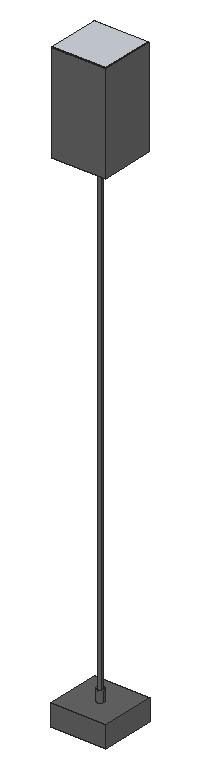
Revit family "LTC-6SQDPH-CM", category Lighting Fixtures, host Face, Revit 2017
Family settings
  Host = Face
  Round Connector Dimension = Use Diameter
  Part Type = Normal
  OmniClass Number = 23.80.70.11.14.11
  OmniClass Title = Downlights
  Cut with Voids When Loaded = No
  Light Source = Yes
  Shared = No
  Room Calculation Point = No
Parameters (values of type "LTC-6SQDPH-CMPC")
  Wattage Comments = "8-52W"
  Wattage = 100 W
  Warranty = "• 5 year warranty\r\n• See HLI Standard Warranty for\r\nadditional information"  # constant formula
  built-in parameter 1150110 = 1 (stored number, unit not read)
  Voltage = 120 V
  built-in parameter 1114217 = 1 (stored number, unit not read)
  Tilt Angle = -90.00°  # constant formula
  built-in parameter 1150109 = 1 (stored number, unit not read)
  built-in parameter 1150134 = 3
  built-in parameter 1150113 = 1 (stored number, unit not read)
  Recessed 2 = yes
  Recessed = no
  Photometric Web File = "LTC-6SQDPH-P-20L35K8MD-PM-S-BL.ies"
  Features = "•\t6 inch architectural LED downlight cylinder delivering 600–2000 lm \r\n•\tFive beam distributions from 0.4 to 1.2 Spacing Criteria\r\n•\tQuiet reflector appearance with 50º optical cutoff\r\n•\t2700K - 5000K, 80+ and 90+ CRI options \r\n•\tAvailable in Surface, Wall, Pendant, or Cable/Cord Mount configurations\r\n•\tVersatile canopy options for recessed and surface-mounted J-box applications \r\n•\tPowerHUBB™ enables low-voltage wired connectivity for Power over Ethernet (PoE) network system deployment\r\n"  # constant formula
  Emit from Rectangle Width = 7.500"  # constant formula
  Emit from Rectangle Length = 7.500"  # constant formula
  Cord Height = 72.000"
  built-in parameter 1150105 = -5684000 (stored number, unit not read)
  Lumens = 2000 lm
  built-in parameter 1150115 = 1 (stored number, unit not read)
  built-in parameter 1150137 = (empty or 0)
  built-in parameter 1150139 = (empty or 0)
  built-in parameter 1150112 = 1 (stored number, unit not read)
  built-in parameter 1150114 = 1 (stored number, unit not read)
  built-in parameter 1150132 = 2
  built-in parameter 1150102 = (empty or 0)
  built-in parameter 1150107 = 3200 (stored number, unit not read)
  built-in parameter 1150138 = (empty or 0)
  built-in parameter 1150106 = -56840 (stored number, unit not read)
  Emit Shape Visible in Rendering = no
  built-in parameter 1150104 = 1.8581 (stored number, unit not read)
  Dimming Lamp Color Temperature Shift = <None>
  Copyright = "© 2021 Prescolite, a division of Hubbell Lighting, Inc"  # constant formula
  Contact us = "https://www.hubbell.com/prescolite/en/contactUs"
  Color Filter = 16777215
  Certifications = "• cCSAus certified to UL 1598\r\n• Wall Mount: Suitable for wet locations\r\n• Surface & Pendant Mount: Suitable for wet\r\nlocations under covered ceiling\r\n• Cord Mount and all Wall Wash: Suitable for\r\ndamp locations"  # constant formula
  Canopy Width = 7.750"
  Canopy Height = 3.000"
  Canopy = yes
  built-in parameter 1114218 = 1 (stored number, unit not read)
  Ballast = Paint - Hubbell - Carbon Black
  URL = "https://www.hubbell.com/prescolite/en"
  Product Page URL = "https://www.hubbell.com/prescolite/en/Products/Lighting-Controls/Commercial-Indoor-Lighting/Cylinders/LITEISTRY-6-Square-Cylinder-wPowerHUBB/p/3775909"
  Product Documentation Link = "https://hubbellcdn.com/specsheet/LTC-6SQDPH%20PowerHUBB.pdf"
  Model = "LTC-6SQDPH"  # constant formula
  Manufacturer = "Prescolite"  # constant formula
  Lamp = "LED Lamp"
  Reflector = Glass - Hubbell - Glass
  Description = "LITEISTRY™ 6inch Square Cylinder with Powerhubb"  # constant formula
  Default Elevation = 48.000"
  built-in parameter 1150133 = 10 (stored number, unit not read)
  Apparent Load = 52 VA  # constant formula
Types (4): name | Recessed 2 | Recessed | Photometric Web File | Canopy Width | Canopy Height
  (no name) | yes | no | "LTC-6SQDPH-P-20L35K8MD-PM-S-BL.ies" | 7.750" | 3.000"
  LTC-6SQDPH-CMRMD | no | yes | "LTR-6SQDPH-H-SL06L-PM_LTR-6SQD-T-SL35K8MDS.ies" | 7.000" | 0.260"
  LTC-6SQDPH-CMPC | yes | no | "LTC-6SQDPH-P-20L35K8MD-PM-S-BL.ies" | 7.750" | 3.000"
  LTC-6SQDPH-CMPCC | no | no | "LTC-6SQDPH-P-20L35K8MD-PM-S-BL.ies" | 7.830" | 4.500"
Reference planes (in)
  plane 1 "Center (Front/Back)": y = 0
  plane 2: z = 0
  plane 3 "Center (Left/Right)": x = 0
  plane 4: z = 72
  plane 5: z = 71.75
  plane 6: x = -1
  plane 7: y = 1
  plane 8: x = 1
  plane 9: y = -1
  plane 10: z = 0.25
  plane 11: x = 3
  plane 12: x = -3
  plane 13: x = -2.75391
  plane 14: x = 2.75391
  plane 15: x = 3.875
  plane 16: x = -3.875
  plane 17: z = 3
  plane 18: y = 3.875
  plane 19: y = -3.875
Forms (in)
  Revolve 1, solid, material "Paint - Hubbell - Carbon Black" <- "Ballast"
    sketch origin (0, 0, -5.91673) x (1, 0, 0) y (0, 0, 1)
      loop
        line (-0.5, 8.91673) -> (0, 8.91673) -> (0, 77.91673) -> (-0.38833, 77.91673) -> (-1.06332, 77.91673)
        arc (-1.06332, 77.91673) -> (-1.08372, 77.73867) -> (-1.06332, 77.5606) r 0.78757
        arc (-1.06332, 77.5606) -> (-0.75401, 77.52515) -> (-0.44277, 77.5172) r 3.51531
        arc (-0.44277, 77.5172) -> (-0.34697, 77.50218) -> (-0.25, 77.50372) r 0.56641
        line (-0.25, 77.50372) -> (-0.25, 10.41673) -> (-0.5, 10.41673) -> (-0.5, 8.91673)
      axis (0, 77.91673) -> (0, 8.91673)
    angle from 0 to 360
  Revolve 2, solid, material "Paint - Hubbell - Carbon Black" <- "Ballast", visible <- "Recessed"
    sketch origin (0, 0, 0) x (1, 0, 0) y (0, 0, 1)
      loop
        line (0, -6) -> (0, 0.00055) -> (-2.5, 0.00055) -> (-2.5, -0.43712)
        arc (-2.5, -0.43712) -> (-2.48175, -0.48119) -> (-2.43767, -0.49945) r 0.06233
        line (-2.43767, -0.49945) -> (-2.30081, -0.49945)
        arc (-2.30081, -0.49945) -> (-2.26488, -0.51433) -> (-2.25, -0.55026) r 0.05081
        line (-2.25, -0.55026) -> (-2.25, -4.55877)
        arc (-2.25, -4.55877) -> (-2.2306, -4.6056) -> (-2.18377, -4.625) r 0.06623
        line (-2.18377, -4.625) -> (-2.03463, -4.625)
        arc (-2.03463, -4.625) -> (-2.01014, -4.63514) -> (-2, -4.65963) r 0.03463
        line (-2, -4.65963) -> (-2, -5.88059)
        arc (-2, -5.88059) -> (-1.96503, -5.96503) -> (-1.88059, -6) r 0.11941
        line (-1.88059, -6) -> (0, -6)
      axis (0, 0.00055) -> (0, -6)
    angle from 0 to 360
  Extrusion 3, solid, material "Paint - Hubbell - Carbon Black" <- "Ballast", visible <- "Canopy"
    sketch origin (0, 0, 0) x (1, 0, 0) y (0, 0, 1)
      loop
        line (-3.875, 0) -> (3.875, 0) -> (3.875, 3) -> (-3.875, 3) -> (-3.875, 0)
    from -3.875 to 3.875
  Extrusion 4, solid, material "Paint - Hubbell - Carbon Black" <- "Ballast", visible <- "Recessed 2"
    sketch origin (7.83986, -180, 7.93836) x (-1, 0, 0) y (0, -1, 0)
      loop
        line (8.70589, -181.5) -> (9.57191, -180) -> (8.70589, -178.5) -> (6.97384, -178.5) -> (6.10781, -180) -> (6.97384, -181.5) -> (8.70589, -181.5)
    from -8.60989 to -7.93836
Dimensions and locks (in)
  "Cord Height": plane 4 to host face
  locked: plane 4 to plane 5 at 0.25
  plane 6 to plane 3 "Center (Left/Right)" to plane 8 = 1.000" locked, 1.000" locked
  plane 7 to plane 1 "Center (Front/Back)" to plane 9 = 1.000" locked, 1.000" locked
  locked: plane 10 to level at 0.25
  host face to Revolve 2 sketch curve = 6.000"
  nested 1 to plane 4 = 14.000"
  "Canopy Width": plane 15 to plane 16
  equal spacing: plane 15, plane 3 "Center (Left/Right)", plane 16
  "Canopy Height": plane 17 to host face
  "Canopy Width": plane 18 to plane 19
  equal spacing: plane 18, plane 1 "Center (Front/Back)", plane 19
  locked: Revolve 1 sketch curve to Revolve 1 sketch curve at 1.5
  aligned and locked: plane 2 to host face
  aligned and locked: Revolve 1 sketch curve to plane 4
  aligned and locked: plane 3 "Center (Left/Right)" to nested 1
  aligned and locked: nested 1 to plane 1 "Center (Front/Back)"
  aligned and locked: plane 3 "Center (Left/Right)" to imposter light
  aligned and locked: imposter light to nested 1
  aligned and locked: Extrusion 3 sketch curve to level
  aligned and locked: Extrusion 3 sketch curve to plane 16
  aligned and locked: Extrusion 3 sketch curve to plane 17
  aligned and locked: plane 15 to Extrusion 3 sketch curve
  aligned and locked: plane 19 to Extrusion 3
  aligned and locked: Extrusion 3 to plane 18
  aligned and locked: plane 17 to Revolve 1 sketch curve
Automatic sketch dimensions
  host sketch curve to host sketch curve = 96.000"  (x2)
  Revolve 2 sketch curve to plane 3 "Center (Left/Right)" = 0.000"  (x2)
  plane 13 to Revolve 2 sketch curve = 0.87332"
  Revolve 2 sketch curve to Revolve 2 sketch curve = 0.11941"
  Revolve 2 sketch curve to Revolve 2 sketch curve = 0.03463"
  Revolve 2 sketch curve to Revolve 2 sketch curve = 0.14914"
  Revolve 2 sketch curve to Revolve 2 sketch curve = 0.06623"
  Revolve 2 sketch curve to Revolve 2 sketch curve = 0.05081"
  Revolve 2 sketch curve to Revolve 2 sketch curve = 0.13687"
  level to Revolve 2 sketch curve = 0.00055"
  plane 13 to Revolve 2 sketch curve = 0.25391"
  Revolve 2 sketch curve to Revolve 2 sketch curve = 1.22096"
  Revolve 2 sketch curve to level = 0.55026"
  Revolve 2 sketch curve to Revolve 2 sketch curve = 17.63999"
  plane 4 to Revolve 2 sketch curve = 31.07883"
  Revolve 1 sketch curve to plane 3 "Center (Left/Right)" = 0.000"  (x2)
  Revolve 1 sketch curve to plane 3 "Center (Left/Right)" = 0.250"
  Revolve 1 sketch curve to Revolve 1 sketch curve = 0.04614"
  plane 4 to Revolve 1 sketch curve = 0.15048"
  Revolve 1 sketch curve to plane 3 "Center (Left/Right)" = 0.30745"
  Revolve 1 sketch curve to Revolve 1 sketch curve = 0.500"
  plane 6 to Revolve 1 sketch curve = 0.49121"
  Revolve 1 sketch curve to plane 6 = 0.06332"  (x2)
  plane 5 to Revolve 1 sketch curve = 0.07193"
  Revolve 1 sketch curve to level = 13.75728"
  Revolve 1 sketch curve to plane 5 = 0.16301"
  Revolve 1 sketch curve to Revolve 1 sketch curve = 4.62756"
  Revolve 1 sketch curve to Revolve 1 sketch curve = 0.08088"
  Revolve 1 sketch curve to Revolve 1 sketch curve = 2.96468"
Nested families (in)
  nested 1: "LTC" at (0, 0, 72) x (0, 1, 0) z (0, 0, 1), Ballast <- "Ballast", Reflector <- "Reflector", type "6"
    with Reflector Glass - Hubbell - Glass, Ballast Paint - Hubbell - Carbon Black
Connectors (in)
  electrical at (0, 0, 0), driven by "Description", driven by "Voltage", driven by "Apparent Load"
    settings: index 1, voltage 120 V, apparent load 52 VA, apparent load phase1 0 VA, apparent load phase2 0 VA, apparent load phase3 0 VA, power factor 1, load classification "Other", number of poles 1, system type 30, power factor state 1, is connector primary yes, connector utility no, sub classification motor no, connector description "LITEISTRY™ 6inch Square Cylinder with Powerhubb"
Definition of nested family "LTC"
  Parameters
    Width = 7.58984"
    Wattage Comments = ""
    Lamp = ""
    Height = 14.000"
    Ballast [instance] = none
    URL = ""
    Product Page URL = ""
    Product Documentation Link = ""
    Model = ""
    Manufacturer Phone = ""
    Manufacturer Fax = ""
    Manufacturer = "Prescolite"
    Reflector [instance] = none
    Description = ""
    Default Elevation = 48.000"
  Reference planes (in)
    plane 1 "Center (Front/Back)": y = 0
    plane 2: z = 0
    plane 3 "Center (Left/Right)": x = 0
    plane 4: y = 3.79492
    plane 5: y = -3.79492
    plane 6: z = 14
    plane 7: z = 0.125
    plane 8: x = 3.79492
    plane 9: z = 13.875
    plane 10: x = -3.79492
  Forms (in)
    Extrusion 1, solid
      sketch origin (0, 0, 0) x (1, 0, 0) y (0, 1, 0)
        loop
          line (-48, 48) -> (-48, -48) -> (48, -48) -> (48, 48) -> (-48, 48)
      from 0 to -6
    Extrusion 2, solid, material <- "Reflector"
      sketch origin (0, 0, 30.25) x (1, 0, 0) y (0, 1, 0)
        loop
          line (-3.79492, 3.79492) -> (-3.79492, -3.79492) -> (3.79492, -3.79492) -> (3.79492, 3.79492) -> (-3.79492, 3.79492)
      from -16.25 to -16.375
    Extrusion 3, solid, material <- "Ballast"
      sketch origin (0, 0, 0) x (1, 0, 0) y (0, 1, 0)
        loop
          line (-3.79492, 3.79492) -> (-3.79492, -3.79492) -> (3.79492, -3.79492) -> (3.79492, 3.79492) -> (-3.79492, 3.79492)
      from 0 to 13.875
  Dimensions and locks (in)
    equal spacing: plane 4, plane 1 "Center (Front/Back)", plane 5
    "Width": plane 5 to plane 4
    equal spacing: plane 10, plane 3 "Center (Left/Right)", plane 8
    "Width": plane 10 to plane 8
    "Height": plane 6 to Extrusion 1
    locked: plane 6 to plane 9 at 0.125
    aligned and locked: plane 2 to Extrusion 1
    aligned and locked: Extrusion 2 to plane 9
    aligned and locked: plane 9 to Extrusion 3
    aligned and locked: plane 6 to Extrusion 2
  Automatic sketch dimensions
    Extrusion 1 sketch curve to Extrusion 1 sketch curve = 96.000"  (x2)
    Extrusion 3 sketch curve to plane 5 = 0.000"
    Extrusion 3 sketch curve to plane 10 = 0.000"
    Extrusion 3 sketch curve to plane 8 = 0.000"
    plane 4 to Extrusion 3 sketch curve = 0.000"
    Extrusion 2 sketch curve to plane 5 = 0.000"
    Extrusion 2 sketch curve to plane 10 = 0.000"
    Extrusion 2 sketch curve to plane 8 = 0.000"
    plane 4 to Extrusion 2 sketch curve = 0.000"
